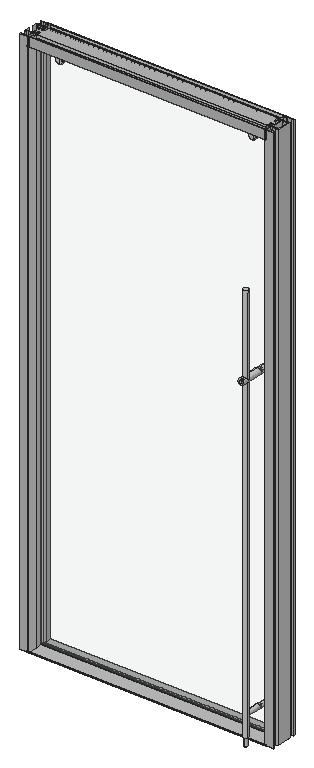
Revit family "Doors_Sliding_Avanti_Systems_Cloud-Eclipse-Sliding-Glass-Pocket-Doors_Solid-wall", category Doors, host Wall, Revit 2015
Parameters (values of type "Load Family Type Catalog")
  Youtube clip = ""
  Weight Net (Kg) = "0"
  Warranty = "1 year"  # constant formula
  Uniformat II Description = "Interior Doors"
  Uniformat II Code = "C1020"
  Uniclass 2015 Name = "Sliding door and partition sets"
  Uniclass 2015 Code = "Pr_30_59_24_80"
  Uniclass 2.0 Description = "Sliding Door And Partition Sets"
  Uniclass 2.0 Code = "PR-59-23-77"
  Uniclass 1.4 Description = "Doors"
  Uniclass 1.4 Code = "JL20"
  URL = "https://www.avantisystemsusa.com"
  UNSPSC Code = "30171501"
  Type = 2
  Thickness = if(Type = 1, 1/2", 3/8")  # 3/8"
  Technical description = "https://www.avantisystemsusa.com/wp-content/uploads/products/17-pocket-doors/POCKET-SLDING-GLASS-DOOR.pdf"
  Sound Rating = 0
  Region South America = "All"
  Region Oceania = "All"
  Region North America = "All"
  Region Middle East = "All"
  Region Europe = "All"
  Region Asia = "All"
  Region Antarctica = "All"
  Region Africa = "All"
  QR code = "http://bimobject.com/avantisystems/product/avanti-eclipse-pocket-door"
  Product url = "https://www.avantisystemsusa.com/glass-products/doors/sliding-doors/pocket-doors/"
  Product group = "Pocket Doors"
  Product family = "Sliding Doors"
  Product data url = "https://bimobject.com/avantisystems/product/avanti-eclipse-pocket-door"
  Product certification = ""
  Product SKU = "avanti-eclipse-pocket-door"
  Product Guid = "fa5a576a-2abc-4d75-8a27-b0dd0871f092"
  OmniClass Description = "Sliding All Glass Doors"
  OmniClass Code = "23-17 11 23 13"
  Nominal width = 0"
  Nominal height = 0"
  NBS Reference Description = "Sliding Door And Partition Sets"
  NBS Reference Code = "59-23-77"
  Model = "Eclipse™ Sliding Glass Pocket Doors"  # constant formula
  Material secondary = "Aluminium"
  Material main = "Glass"
  Masterformat 2014 Description = "Sliding Aluminum-Framed Glass Doors"
  Masterformat 2014 Code = "08 32 13"
  Manufacturer name = "Avanti Systems"
  Manufacturer country = ""
  Manufacturer = "Avanti Systems USA"  # constant formula
  Ladder Pull Height [instance] = 18"
  LEED compatibility = "YES"  # constant formula
  Installation instructions = ""
  IFC Classification = "Door"
  Hardware material [instance] = Stainless Steel - Avanti- Brushed Finish
  Handle type [instance] = Handle : 60" Ladder Pull
  Glass Width [instance] = 35.90164"
  Glass Material = Glass - Avanti - Laminated Glass
  Glass Marker = yes
  Glass Height [instance] = 80.57307"
  Function = Interior
  Frame Projection Ext. = 0.98425"
  Frame Projection Int. = 0.98425"
  Frame Width = 2.95276"
  Height = 82.67717"
  Wall Closure = By host
  Width = 38"
  Frame Parameter [instance] = Polyester powder - Avanti - White aluminium METALLIC - RAL9006
  Edition number = 1
  EAN code = ""
  Design country = "United States"
  Description = "The Pocket Sliding Glass Door slides smoothly into our Solare™ Double Glazed Partition System or a solid traditional wall offering a space saving, ultramodern interior entryway, pleasing to the eye."  # constant formula
  Date of publishing = ""
  Clear Anodic Finish = "AAMA 611, AA-M12c22A31, Class II, 0.01mm or thicker"  # constant formula
  COBIe Type Category = ""
  Brand url = "http://www.avantisystemsusa.com/"
  BIMobject main category code = "doors"
  BIMobject main category = "Doors"
  BIMobject category code = "doors-sliding"
  BIMobject category = "Sliding"
  Analytic Construction = "<None>"
  60” Locking Ladder Pull [instance] = yes
Reference planes (in)
  plane 1: y = 0
  plane 2 "Center (Left/Right)": x = 0
  plane 3 "Left": x = -19
  plane 4 "Right": x = 19
  plane 5 "Exterior": y = 2.9486
  plane 6 "Interior": y = -2.95691
  plane 7: x = 15.21289
  plane 8: x = 14.46289
  plane 9: x = -14.47244
  plane 10: y = 0.1875
  plane 11: y = -0.1875
  plane 12: z = 82.67717
  plane 13: z = 80.94807
  plane 14: z = 40.47403
  plane 15: z = 18
  plane 16: x = -57
Forms (in)
  Extrusion 1, solid, material "Glass - Avanti - Laminated Glass" <- "Glass Material"
    sketch origin (-3.35101, -0.89893, 0) x (1, 0, 0) y (0, 1, 0)
      loop
        line (-14.62786, 1.08643) -> (-14.62786, 0.71143) -> (21.27378, 0.71143) -> (21.27378, 1.08643) -> (-14.62786, 1.08643)
    from 0.375 to 80.94807
  Sweep 2, solid, material "Polyester powder - Avanti - White aluminium METALLIC - RAL9006" <- "Frame Parameter"
    path origin (-3.14114, -0.00831, 0) x (1, 0, 0) y (0, 0, 1)
      loop
        line (21.0639, 82.67717) -> (21.0639, 0)
    profile origin (17.92277, -0.00831, 41.33858) x (0, -1, 0) y (1, 0, 0)
      loop
        line (-0.96, -0.65725) -> (-0.3916, -0.65725) -> (-0.31686, -0.37561) -> (-0.47457, -0.33335) -> (-0.54529, -0.59725) -> (-0.78, -0.59725) -> (-0.78, 0) -> (0.78, 0) -> (0.78, -0.59725) -> (0.54261, -0.59725) -> (0.47138, -0.33141) -> (0.31303, -0.37384) -> (0.38896, -0.65725) -> (0.96, -0.65725) -> (2, -0.21489) -> (2, 1.08111) -> (1.85056, 1.08111) -> (1.77462, 0.7977) -> (1.94, 0.75339) -> (1.94, -0.00002) -> (0.98901, -0.00002) -> (0.98901, 0.75581) -> (1.14538, 0.7977) -> (1.06996, 1.07917) -> (-1.06996, 1.07917) -> (-1.14538, 0.7977) -> (-0.98901, 0.75581) -> (-0.98901, -0.00002) -> (-1.94, -0.00002) -> (-1.94, 0.75339) -> (-1.77462, 0.7977) -> (-1.85056, 1.08111) -> (-2, 1.08111) -> (-2, -0.21489) -> (-0.96, -0.65725)
      loop
        line (-0.91988, 0.05998) -> (0.91988, 0.05998) -> (0.91988, 1.01917) -> (-0.91988, 1.01917) -> (-0.91988, 0.05998)
      loop
        line (0.94777, -0.59725) -> (1.94, -0.17521) -> (1.94, -0.06002) -> (0.84, -0.06002) -> (0.84, -0.59725) -> (0.94777, -0.59725)
      loop
        line (-0.94777, -0.59725) -> (-0.84, -0.59725) -> (-0.84, -0.06002) -> (-1.94, -0.06002) -> (-1.94, -0.17521) -> (-0.94777, -0.59725)
  Sweep 3, solid, material "Polyester powder - Avanti - White aluminium METALLIC - RAL9006" <- "Frame Parameter"
    path origin (-3.35295, -0.00831, 0) x (1, 0, 0) y (0, 0, 1)
      loop
        line (-14.56602, 82.67717) -> (-14.56602, 0)
    profile origin (-17.91897, -0.00831, 41.33858) x (0, -1, 0) y (1, 0, 0)
      loop
        line (-1.85056, -1.08103) -> (-1.77462, -0.79762) -> (-1.94, -0.75331) -> (-1.94, 0.0001) -> (-0.98901, 0.0001) -> (-0.98901, -0.75573) -> (-1.14538, -0.79762) -> (-1.06996, -1.07909) -> (-0.34, -1.07909) -> (-0.34, -1.01909) -> (-0.91988, -1.01909) -> (-0.91988, -0.0599) -> (-0.34, -0.0599) -> (-0.34, 0) -> (-0.78, 0) -> (-0.78, 0.59733) -> (-0.54529, 0.59733) -> (-0.47457, 0.33343) -> (-0.31686, 0.37569) -> (-0.3916, 0.65732) -> (-0.96001, 0.65732) -> (-2, 0.21497) -> (-2, -1.08103) -> (-1.85056, -1.08103)
      loop
        line (-1.94, 0.0601) -> (-0.84, 0.0601) -> (-0.84, 0.59733) -> (-0.94777, 0.59733) -> (-1.94, 0.17529) -> (-1.94, 0.0601)
      loop
        line (1.85056, -1.08103) -> (2, -1.08103) -> (2, 0.21497) -> (0.96001, 0.65732) -> (0.3916, 0.65732) -> (0.31686, 0.37569) -> (0.47457, 0.33343) -> (0.54529, 0.59733) -> (0.78, 0.59733) -> (0.78, 0) -> (0.34, 0) -> (0.34, -0.0599) -> (0.91988, -0.0599) -> (0.91988, -1.01909) -> (0.34, -1.01909) -> (0.34, -1.07909) -> (1.06996, -1.07909) -> (1.14538, -0.79762) -> (0.98901, -0.75573) -> (0.98901, 0.0001) -> (1.94, 0.0001) -> (1.94, -0.75331) -> (1.77462, -0.79762) -> (1.85056, -1.08103)
      loop
        line (1.94, 0.0601) -> (1.94, 0.17529) -> (0.94777, 0.59733) -> (0.84, 0.59733) -> (0.84, 0.0601) -> (1.94, 0.0601)
  Sweep 4, solid, material "Polyester powder - Avanti - White aluminium METALLIC - RAL9006" <- "Frame Parameter"
    path origin (0.00194, 2.90369, 0.00189) x (1, 0, 0) y (0, 0, 1)
      loop
        line (17.92083, 82.67717) -> (-17.98081, 82.67717)
    profile origin (-0.02805, 2.90369, 82.67906) x (0, 0, -1) y (0, -1, 0)
      loop
        line (0.00189, 0.89328) -> (1.29789, 0.89328) -> (1.74025, 1.93328) -> (1.74025, 2.19328) -> (1.68025, 2.19328) -> (1.68025, 2.11328) -> (1.08274, 2.11328) -> (1.08274, 2.19328) -> (1.02271, 2.19328) -> (1.02271, 1.9734) -> (0.06383, 1.9734) -> (0.06383, 3.81315) -> (1.02302, 3.81315) -> (1.02302, 3.59328) -> (1.08299, 3.59328) -> (1.08299, 3.67328) -> (1.68025, 3.67328) -> (1.68025, 3.59328) -> (1.74025, 3.59328) -> (1.74025, 3.85328) -> (1.29789, 4.89328) -> (0.00189, 4.89328) -> (0.00189, 4.74384) -> (0.2853, 4.6679) -> (0.32961, 4.83328) -> (1.08302, 4.83328) -> (1.08302, 3.88229) -> (0.3272, 3.88229) -> (0.2853, 4.03865) -> (0.00383, 3.96323) -> (0.00383, 1.82332) -> (0.2853, 1.7479) -> (0.3272, 1.90426) -> (1.08302, 1.90426) -> (1.08302, 0.95328) -> (0.32961, 0.95328) -> (0.2853, 1.11865) -> (0.00189, 1.04271) -> (0.00189, 0.89328)
      loop
        line (1.14302, 0.95328) -> (1.25821, 0.95328) -> (1.68025, 1.94551) -> (1.68025, 2.05328) -> (1.14302, 2.05328) -> (1.14302, 0.95328)
      loop
        line (1.14302, 4.83328) -> (1.14302, 3.73328) -> (1.68025, 3.73328) -> (1.68025, 3.84105) -> (1.25821, 4.83328) -> (1.14302, 4.83328)
      loop
        line (1.73293, 2.21775) -> (1.73293, 2.59059) -> (1.59235, 2.59059) -> (1.51068, 2.33893) -> (0.47718, 2.33893) -> (0.39096, 2.61279) -> (0.28936, 2.61279) -> (0.28936, 3.18511) -> (0.39096, 3.18511) -> (0.47718, 3.45647) -> (1.51259, 3.45647) -> (1.59235, 3.17712) -> (1.73293, 3.17712) -> (1.73293, 3.57775) -> (0.15813, 3.57775) -> (0.15813, 2.21775) -> (1.73293, 2.21775)
  Sweep 5, solid, material "Polyester powder - Avanti - White aluminium METALLIC - RAL9006" <- "Frame Parameter"
    path origin (0.00194, 2.94445, 0) x (1, 0, 0) y (0, 0, 1)
      loop
        line (17.92083, 0) -> (-17.98081, 0)
    profile origin (-0.02805, 2.94445, 0) x (0, 0, -1) y (0, -1, 0)
      loop
        line (0, 0.95276) -> (0, 4.95276) -> (-0.06201, 4.95276) -> (-0.59613, 3.28682) -> (-0.14, 3.28682) -> (-0.14, 2.60208) -> (-0.59632, 2.60208) -> (-0.06205, 0.95276) -> (0, 0.95276)
      loop
        line (-0.06, 1.07624) -> (-0.06, 2.56208) -> (-0.54132, 2.56208) -> (-0.06, 1.07624)
      loop
        line (-0.5413, 3.32682) -> (-0.06, 3.32682) -> (-0.06, 4.828) -> (-0.5413, 3.32682)
Lines and regions (in)
  Opening 1
    outline origin (-120.07874, -2.95691, 0) x (1, 0, 0) y (0, 0, 1)
      loop
        line (101.07874, 0) -> (139.07874, 0) -> (139.07874, 82.67717) -> (101.07874, 82.67717) -> (101.07874, 0)
  symbolic lines, style "2d"
    curve 1: line (0, 0.1875, 80.37) -> (0, 0.1875, 80.94807)
    curve 2: line (0, 0.1875, 80.94807) -> (0, 0.07765, 80.94807)
    curve 3: line (0, -0.10545, 80.94807) -> (0, -0.1875, 80.94807)
    curve 4: line (0, -0.1875, 80.37) -> (0, -0.1875, 80.94807)
    curve 5: line (0, 0.1875, 79.61156) -> (0, 0.1875, 0.375)
    curve 6: line (0, -0.1875, 79.61156) -> (0, -0.1875, 0.375)
    curve 7: line (17.92277, 0.1875, 0) -> (-17.97887, 0.1875, 0)
    curve 8: line (-17.97887, -0.1875, 0) -> (17.92083, -0.1875, 0)
    curve 9: line (-17.97887, 0.1875, 0) -> (-17.97887, -0.1875, 0)
    curve 10: line (0, 0.1875, 0.375) -> (0, -0.1875, 0.375)
  symbolic lines, visible <- "Glass Marker"
    curve 11: line (-2.82843, -0.24998, 37.64561) -> (2.82843, -0.24998, 43.30246)
    curve 12: line (0, -0.24998, 38.62608) -> (1.84796, -0.24998, 40.47403)
    curve 13: line (-1.84796, -0.24998, 40.47403) -> (0, -0.24998, 42.32199)
  symbolic lines, not visible
    curve 14: line (-1.84796, 0.25002, 40.47403) -> (1.84796, 0.25002, 40.47403)
    curve 19: line (-1.84534, 0.25002, 22.66367) -> (1.85057, 0.25002, 22.66367)
  model lines, not visible
    curve 15: line (0, 0.25002, 38.62608) -> (0, 0.25002, 42.32199)
    curve 20: line (0.00262, 0.25002, 20.81572) -> (0.00262, 0.25002, 24.51163)
  symbolic lines, visible <- "Glass Marker", not visible
    curve 16: line (-2.82581, -0.24998, 19.83525) -> (2.83104, -0.24998, 25.4921)
    curve 17: line (0.00262, -0.24998, 20.81572) -> (1.85057, -0.24998, 22.66367)
    curve 18: line (-1.84534, -0.24998, 22.66367) -> (0.00262, -0.24998, 24.51163)
  symbolic lines
    curve 21: line (-19, 0.1875, 0) -> (-57, 0.1875, 0)
    curve 22: line (-19, -0.1875, 0) -> (-57, -0.1875, 0)
    curve 23: line (-57, -0.1875, 0) -> (-57, 0.1875, 0)
Text (in)
  text "Exterior" at (-90.35496, 43.28909, 0), in view "Ref. Level"
  text "Exterior" at (0, 63.59764, 145.59372), in view "Left"
  text "Exterior" at (0, 40.78868, 152.55637), in view "Right"
Dimensions and locks (in)
  equal spacing: plane 3 "Left", plane 2 "Center (Left/Right)", plane 4 "Right"
  "Width": plane 3 "Left" to plane 4 "Right"
  locked: plane 5 "Exterior" to host wall at 0
  locked: plane 6 "Interior" to host wall
  locked: plane 7 to plane 4 "Right" at 3.78711
  locked: plane 8 to plane 4 "Right" at 4.53711
  locked: plane 9 to plane 3 "Left" at 4.52756
  "Height": level to plane 12
  plane 12 to host wall = 74.80315"
  locked: plane 12 to plane 13 at 1.7291
  "Thickness": plane 11 to plane 10
  equal spacing: plane 11, plane 1, plane 10
  equal spacing: level, plane 14, plane 13
  "Glass Height": Extrusion 1 to plane 13
  "Glass Width": Extrusion 1 to Extrusion 1
  "Ladder Pull Height": level to plane 15
  locked: nested 7 to curve 7 at 3
  "Width": plane 16 to plane 3 "Left"
  locked: plane 14 to nested 8 at 7
  aligned and locked: plane 3 "Left" to Opening 1 sketch curve
  aligned and locked: Opening 1 sketch curve to plane 4 "Right"
  aligned and locked: Opening 1 sketch curve to level
  aligned and locked: Extrusion 1 to Sweep 2
  aligned and locked: Sweep 3 to Extrusion 1
  aligned and locked: Sweep 5 sketch curve to level
  aligned and locked: level to Sweep 3 sketch curve
  aligned and locked: plane 3 "Left" to Sweep 3
  aligned and locked: plane 8 to nested 1
  aligned and locked: plane 9 to nested 2
  aligned and locked: nested 2 to nested 3  (x2)
  aligned and locked: nested 1 to nested 3  (x2)
  aligned and locked: Extrusion 1 to plane 10
  aligned and locked: plane 11 to Extrusion 1  (x2)
  aligned and locked: plane 10 to curve 1
  aligned and locked: nested 3 to curve 1
  aligned and locked: curve 2 to Extrusion 1
  aligned and locked: plane 11 to curve 4
  aligned and locked: curve 4 to Extrusion 1
  aligned and locked: nested 3 to curve 5
  aligned and locked: plane 10 to Extrusion 1  (x2)
  aligned and locked: curve 5 to plane 10
  aligned and locked: curve 6 to plane 11
  aligned and locked: nested 3 to curve 6
  aligned and locked: Extrusion 1 to curve 6
  aligned and locked: nested 4 to plane 3 "Left"
  aligned and locked: nested 4 to Sweep 3
  aligned and locked: nested 5 to plane 4 "Right"
  aligned and locked: Sweep 2 to nested 5
  aligned and locked: plane 11 to curve 8
  aligned and locked: Sweep 3 to curve 9
  aligned and locked: Sweep 5 to curve 9
  aligned and locked: Sweep 2 to curve 7
  aligned and locked: nested 5 to curve 8
  aligned and locked: plane 12 to nested 3
  aligned and locked: plane 12 to Sweep 4
  aligned and locked: plane 13 to Extrusion 1
  aligned and locked: curve 3 to plane 13
  aligned and locked: nested 6 to level
  aligned and locked: nested 6 to plane 1
  aligned and locked: plane 12 to Opening 1 sketch curve
  aligned and locked: Extrusion 1 to plane 13  (x2)
  aligned and locked: nested 3 to curve 2
  aligned and locked: nested 3 to curve 3
  aligned and locked: plane 1 to nested 2
  aligned and locked: nested 1 to plane 1
  aligned and locked: plane 12 to Sweep 2 sketch curve
  aligned and locked: plane 12 to Sweep 3 sketch curve
  aligned and locked: plane 14 to curve 14
  aligned and locked: curve 15 to plane 2 "Center (Left/Right)"
  aligned and locked: plane 2 "Center (Left/Right)" to nested 7
  aligned and locked: curve 21 to plane 10  (x2)
  aligned and locked: curve 22 to plane 11
  aligned and locked: plane 3 "Left" to curve 21
  aligned and locked: plane 3 "Left" to curve 22
  aligned and locked: plane 16 to curve 21
  aligned and locked: plane 16 to curve 23
  aligned and locked: curve 23 to plane 11
  aligned and locked: nested 8 to plane 2 "Center (Left/Right)"
  aligned and locked: nested 9 to plane 7
  aligned and locked: level to nested 9
  aligned and locked: nested 9 to plane 10
Automatic sketch dimensions
  curve 4 to curve 1 = 0"
  plane 11 to Extrusion 1 sketch curve = 0"
  plane 10 to Extrusion 1 sketch curve = 0"
  Extrusion 1 sketch curve to plane 3 "Left" = 1.02113"
  plane 4 "Right" to Extrusion 1 sketch curve = 1.07723"
  Sweep 2 sketch curve to level = 0"
  plane 4 "Right" to Sweep 2 sketch curve = 1.07723"
  Sweep 2 sketch curve to profile plane = 0"
  Sweep 2 sketch curve to profile plane = 2"
  Sweep 2 sketch curve to Sweep 2 sketch curve = 0.06"  (x5)
  profile plane to Sweep 2 sketch curve = 0"  (x2)
  Sweep 2 sketch curve to Sweep 2 sketch curve = 0"  (x4)
  Sweep 2 sketch curve to Sweep 2 sketch curve = 0.14944"  (x2)
  Sweep 2 sketch curve to profile plane = 0.7977"  (x2)
  Sweep 2 sketch curve to Sweep 2 sketch curve = 0.16538"  (x2)
  Sweep 2 sketch curve to Sweep 2 sketch curve = 0.62925"  (x2)
  Sweep 2 sketch curve to Sweep 2 sketch curve = 0.07542"
  Sweep 2 sketch curve to Sweep 2 sketch curve = 0.15636"  (x2)
  Sweep 2 sketch curve to Sweep 2 sketch curve = 0.02901"
  Sweep 2 sketch curve to Sweep 2 sketch curve = 0.01223"  (x2)
  Sweep 2 sketch curve to Sweep 2 sketch curve = 0.15008"  (x2)
  profile plane to Sweep 2 sketch curve = 0.06002"  (x2)
  Sweep 2 sketch curve to Sweep 2 sketch curve = 0.07988"
  Sweep 2 sketch curve to Sweep 2 sketch curve = 0.23471"
  Sweep 2 sketch curve to Sweep 2 sketch curve = 0.07071"
  Sweep 2 sketch curve to Sweep 2 sketch curve = 0.15368"
  Sweep 2 sketch curve to Sweep 2 sketch curve = 0.15772"
  profile plane to Sweep 2 sketch curve = 0.31303"
  Sweep 2 sketch curve to Sweep 2 sketch curve = 0.07594"  (x2)
  Sweep 2 sketch curve to Sweep 2 sketch curve = 0.15835"
  Sweep 2 sketch curve to Sweep 2 sketch curve = 0.15364"
  Sweep 2 sketch curve to Sweep 2 sketch curve = 0.23739"
  profile plane to Sweep 2 sketch curve = 0.91988"
  Sweep 2 sketch curve to Sweep 2 sketch curve = 0.10777"
  Sweep 2 sketch curve to Sweep 2 sketch curve = 0.06914"
  Sweep 2 sketch curve to Sweep 2 sketch curve = 0.11519"  (x2)
  Sweep 2 sketch curve to Sweep 2 sketch curve = 0.03968"  (x2)
  profile plane to Sweep 2 sketch curve = 0.33141"
  profile plane to Sweep 2 sketch curve = 0.33335"
  Sweep 2 sketch curve to Sweep 2 sketch curve = 0.04243"
  Sweep 2 sketch curve to Sweep 2 sketch curve = 0.04226"
  Sweep 2 sketch curve to profile plane = 0.05998"
  Sweep 2 sketch curve to Sweep 2 sketch curve = 0.04431"  (x2)
  Sweep 2 sketch curve to Sweep 2 sketch curve = 0.69582"  (x2)
  Sweep 2 sketch curve to Sweep 2 sketch curve = 0.0419"
  Sweep 3 sketch curve to plane 3 "Left" = 1.08103"
  Sweep 3 sketch curve to profile plane = 0"  (x2)
  Sweep 3 sketch curve to profile plane = 2"
  Sweep 3 sketch curve to profile plane = 0.0601"
  Sweep 3 sketch curve to Sweep 3 sketch curve = 0.06"  (x9)
  profile plane to Sweep 3 sketch curve = 0.75331"
  Sweep 3 sketch curve to Sweep 3 sketch curve = 0.14944"  (x2)
  profile plane to Sweep 3 sketch curve = 0.79762"  (x2)
  Sweep 3 sketch curve to Sweep 3 sketch curve = 0.16538"  (x2)
  Sweep 3 sketch curve to Sweep 3 sketch curve = 0.62925"  (x2)
  Sweep 3 sketch curve to Sweep 3 sketch curve = 0.07542"
  Sweep 3 sketch curve to Sweep 3 sketch curve = 0.15636"  (x2)
  Sweep 3 sketch curve to Sweep 3 sketch curve = 0.02901"
  Sweep 3 sketch curve to Sweep 3 sketch curve = 0.01224"  (x2)
  Sweep 3 sketch curve to Sweep 3 sketch curve = 0.15008"  (x2)
  Sweep 3 sketch curve to Sweep 3 sketch curve = 0.07988"  (x2)
  Sweep 3 sketch curve to Sweep 3 sketch curve = 0.23471"
  Sweep 3 sketch curve to Sweep 3 sketch curve = 0.07071"
  Sweep 3 sketch curve to Sweep 3 sketch curve = 0.15368"  (x2)
  profile plane to Sweep 3 sketch curve = 0.0599"  (x2)
  Sweep 3 sketch curve to profile plane = 0.34"  (x2)
  Sweep 3 sketch curve to Sweep 3 sketch curve = 0.15772"  (x2)
  profile plane to Sweep 3 sketch curve = 0.31686"
  profile plane to Sweep 3 sketch curve = 0.34"  (x2)
  Sweep 3 sketch curve to Sweep 3 sketch curve = 0.07475"
  Sweep 3 sketch curve to Sweep 3 sketch curve = 0.44"
  Sweep 3 sketch curve to Sweep 3 sketch curve = 0.10777"
  Sweep 3 sketch curve to profile plane = 0.0001"  (x2)
  Sweep 3 sketch curve to Sweep 3 sketch curve = 0.06914"
  Sweep 3 sketch curve to Sweep 3 sketch curve = 0.07594"
  Sweep 3 sketch curve to profile plane = 0.17529"
  Sweep 3 sketch curve to Sweep 3 sketch curve = 0"  (x4)
  Sweep 3 sketch curve to Sweep 3 sketch curve = 0.2834"
  Sweep 3 sketch curve to Sweep 3 sketch curve = 1.01919"
  Sweep 3 sketch curve to Sweep 3 sketch curve = 0.28147"  (x2)
  Sweep 3 sketch curve to Sweep 3 sketch curve = 0.11519"
  Sweep 3 sketch curve to Sweep 3 sketch curve = 0.03968"  (x2)
  Sweep 3 sketch curve to profile plane = 0.33343"  (x2)
  Sweep 3 sketch curve to Sweep 3 sketch curve = 0.04226"  (x2)
  plane 12 to Sweep 4 sketch curve = 0.00189"
  Sweep 4 sketch curve to plane 3 "Left" = 1.02113"
  plane 4 "Right" to Sweep 4 sketch curve = 1.07723"
  Sweep 4 sketch curve to profile plane = 0.00189"  (x2)
  Sweep 4 sketch curve to profile plane = 0.00383"
  Sweep 4 sketch curve to profile plane = 0.06383"
  Sweep 4 sketch curve to profile plane = 0.15813"
  Sweep 4 sketch curve to profile plane = 0.2853"  (x4)
  Sweep 4 sketch curve to profile plane = 0.28936"
  Sweep 4 sketch curve to Sweep 4 sketch curve = 0.0419"  (x2)
  Sweep 4 sketch curve to Sweep 4 sketch curve = 0.04431"  (x2)
  Sweep 4 sketch curve to Sweep 4 sketch curve = 0.1016"  (x2)
  Sweep 4 sketch curve to Sweep 4 sketch curve = 0.08622"  (x2)
  Sweep 4 sketch curve to Sweep 4 sketch curve = 0.54553"
  Sweep 4 sketch curve to Sweep 4 sketch curve = 0.54584"
  Sweep 4 sketch curve to Sweep 4 sketch curve = 0.06003"
  Sweep 4 sketch curve to Sweep 4 sketch curve = 0.05997"
  Sweep 4 sketch curve to Sweep 4 sketch curve = 0.06031"
  Sweep 4 sketch curve to Sweep 4 sketch curve = 0.75341"
  Sweep 4 sketch curve to Sweep 4 sketch curve = 0.06"  (x7)
  Sweep 4 sketch curve to Sweep 4 sketch curve = 0.06028"
  Sweep 4 sketch curve to Sweep 4 sketch curve = 0.11519"  (x2)
  Sweep 4 sketch curve to Sweep 4 sketch curve = 0.03968"  (x2)
  Sweep 4 sketch curve to Sweep 4 sketch curve = 0.42793"
  Sweep 4 sketch curve to Sweep 4 sketch curve = 0.42961"
  Sweep 4 sketch curve to Sweep 4 sketch curve = 0.08168"
  Sweep 4 sketch curve to Sweep 4 sketch curve = 0.07976"
  Sweep 4 sketch curve to Sweep 4 sketch curve = 0.16957"
  Sweep 4 sketch curve to Sweep 4 sketch curve = 0.16766"
  Sweep 4 sketch curve to Sweep 4 sketch curve = 0"  (x3)
  Sweep 4 sketch curve to Sweep 4 sketch curve = 0.05268"
  Sweep 4 sketch curve to Sweep 4 sketch curve = 0.14058"
  Sweep 4 sketch curve to Sweep 4 sketch curve = 0.00732"
  profile plane to Sweep 4 sketch curve = 0.89328"
  Sweep 4 sketch curve to Sweep 4 sketch curve = 0.14944"
  Sweep 4 sketch curve to Sweep 4 sketch curve = 0.62925"  (x2)
  Sweep 4 sketch curve to Sweep 4 sketch curve = 0.07542"
  Sweep 4 sketch curve to Sweep 4 sketch curve = 0.02901"
  Sweep 4 sketch curve to Sweep 4 sketch curve = 0.01223"  (x2)
  Sweep 4 sketch curve to Sweep 4 sketch curve = 0.15008"  (x2)
  Sweep 4 sketch curve to Sweep 4 sketch curve = 0.07988"
  Sweep 4 sketch curve to Sweep 4 sketch curve = 0.08"  (x3)
  Sweep 4 sketch curve to Sweep 4 sketch curve = 0.24435"
  Sweep 4 sketch curve to Sweep 4 sketch curve = 0.14565"
  Sweep 4 sketch curve to Sweep 4 sketch curve = 0.25166"
  Sweep 4 sketch curve to Sweep 4 sketch curve = 0.27386"
  Sweep 4 sketch curve to Sweep 4 sketch curve = 0.58653"
  Sweep 4 sketch curve to Sweep 4 sketch curve = 0.57232"
  Sweep 4 sketch curve to Sweep 4 sketch curve = 0.27136"
  Sweep 4 sketch curve to Sweep 4 sketch curve = 0.12128"
  Sweep 4 sketch curve to Sweep 4 sketch curve = 0.13681"
  Sweep 4 sketch curve to Sweep 4 sketch curve = 0.01552"
  Sweep 4 sketch curve to Sweep 4 sketch curve = 0.2354"
  Sweep 4 sketch curve to Sweep 4 sketch curve = 0.10777"
  Sweep 4 sketch curve to Sweep 4 sketch curve = 0.06914"
  Sweep 4 sketch curve to Sweep 4 sketch curve = 0.07594"
  Sweep 5 sketch curve to plane 3 "Left" = 1.02113"
  plane 4 "Right" to Sweep 5 sketch curve = 1.07723"
  Sweep 5 sketch curve to profile plane = 0"
  profile plane to Sweep 5 sketch curve = 0.06"  (x2)
  profile plane to Sweep 5 sketch curve = 0.06201"
  profile plane to Sweep 5 sketch curve = 0.06205"
  Sweep 5 sketch curve to Sweep 5 sketch curve = 0.08"
  Sweep 5 sketch curve to Sweep 5 sketch curve = 0.4013"
  Sweep 5 sketch curve to Sweep 5 sketch curve = 0.40132"
  Sweep 5 sketch curve to Sweep 5 sketch curve = 0.05483"
  Sweep 5 sketch curve to Sweep 5 sketch curve = 0.055"
  profile plane to Sweep 5 sketch curve = 0.95276"
  Sweep 5 sketch curve to Sweep 5 sketch curve = 0.12348"
  Sweep 5 sketch curve to Sweep 5 sketch curve = 1.48585"
  Sweep 5 sketch curve to Sweep 5 sketch curve = 0.04"  (x2)
  Sweep 5 sketch curve to Sweep 5 sketch curve = 0.68473"
  Sweep 5 sketch curve to Sweep 5 sketch curve = 1.50118"
  Sweep 5 sketch curve to Sweep 5 sketch curve = 0.12476"
Nested families (in)
  nested 1: "Glass to Bar Connector" at (14.46289, 0, 82.15909) x (0, 1, 0) z (0, 0, 1), type "Glass to Bar Connector"
  nested 2: "Glass to Bar Connector" at (-14.47244, 0, 82.15909) x (0, 1, 0) z (0, 0, 1), type "Glass to Bar Connector"
  nested 3: "Door Frame Top" at (0, -0.01697, 82.67717) x (0, 1, 0) z (1, 0, 0), type "Door Frame Top"
  nested 4: "Door Frame Left" at (-17.26358, -0.00831, 0) x (-1, 0, 0) z (0, 0, 1), type "Door Frame Left"
  nested 5: "Door Frame Right" at (17.26358, -0.00831, 0) x (-1, 0, 0) z (0, 0, 1), type "Door Frame Right"
  nested 6: "Drop Down Bottom Door Seal" at (0, 0, 0) x (0, 1, 0) z (1, 0, 0), type "Drop Down Bottom Door Seal"
  nested 7: "Arrow" at (0, 3.1875, 0), type "arrow"
  nested 8: "Arrow" at (0, 2.9486, 47.47403) x (1, 0, 0) z (0, -1, 0), type "arrow"
  nested 9: "Handle" at (16.83789, 1.5625, 38) x (-1, 0, 0) z (0, 1, 0), type <- "Handle type", type "60" Ladder Pull", detail levels medium+fine
    with Locker yes, Thickness 3/8"
Definition of nested family "Glass to Bar Connector"
  Parameters (values of type "Glass to Bar Connector")
    Thickness = 3/8"
    Material = none
  Reference planes (in)
    plane 1 "Center (Front/Back)": y = 0
    plane 2: z = 0
    plane 3 "Center (Left/Right)": x = 0
    plane 4: x = -0.1875
    plane 5: x = 0.1875
    plane 6: x = -0.26859
    plane 7: x = 0.26859
  Forms (in)
    Revolve 1, solid, material <- "Material"
      sketch origin (0, 0, -13.82453) x (1, 0, 0) y (0, 0, 1)
        loop
          line (-0.50751, 13.31951) -> (0.52055, 13.31951) -> (0.52055, 13.81188) -> (0.28803, 13.85847) -> (0.28803, 13.52986) -> (0.22937, 13.52986) -> (0.22937, 13.82453) -> (-0.21265, 13.82453) -> (-0.21265, 13.52986) -> (-0.25587, 13.52986) -> (-0.25587, 13.86153) -> (-0.50751, 13.79365) -> (-0.50751, 13.31951)
        axis (-0.50751, 13.31951) -> (0.52055, 13.31951)
      angle from 0 to 360
    Revolve 2, solid, material <- "Material"
      sketch origin (0, 0, -13.82453) x (1, 0, 0) y (0, 0, 1)
        loop
          line (-0.26859, 11.67377) -> (0.26859, 11.67377) -> (0.26859, 12.26658) -> (0.1875, 12.26658) -> (0.1875, 12.02825) -> (-0.1875, 12.02825) -> (-0.1875, 12.26658) -> (-0.26859, 12.26658) -> (-0.26859, 11.67377)
        axis (-0.26859, 11.67377) -> (0.26859, 11.67377)
      angle from 0 to 360
    Sweep 3, solid, material <- "Material"
      path origin (0, 0, -13.82453) x (1, 0, 0) y (0, 0, 1)
        loop
          line (0, 11.93165) -> (0, 12.95558)
      profile origin (0, 0, -1.38091) x (-1, 0, 0) y (0, -1, 0)
        loop
          circle (0, 0) r 0.08767
  Lines and regions (in)
    reference lines
      curve 1: line (-0.21265, 0, 0) -> (0.22937, 0, 0)
  Dimensions and locks (in)
    equal spacing: plane 5, plane 3 "Center (Left/Right)", plane 4
    "Thickness": plane 5 to plane 4
    locked: plane 4 to plane 6 at 0.08109
    locked: plane 7 to plane 5 at 0.08109
    equal spacing: plane 7, plane 3 "Center (Left/Right)", plane 6
    aligned and locked: level to plane 2
    aligned and locked: plane 6 to Revolve 2 sketch curve
    aligned and locked: Revolve 2 sketch curve to plane 4
    aligned and locked: plane 5 to Revolve 2 sketch curve
    aligned and locked: Revolve 2 sketch curve to plane 7
  Automatic sketch dimensions
    Revolve 1 sketch curve to plane 6 = 0.23892"
    plane 6 to Revolve 1 sketch curve = 0.01273"
    Revolve 1 sketch curve to plane 4 = 0.02515"
    Revolve 1 sketch curve to plane 7 = 0.03923"
    plane 7 to Revolve 1 sketch curve = 0.01944"
    plane 7 to Revolve 1 sketch curve = 0.25196"
    Revolve 1 sketch curve to level = 0.50502"
    Revolve 1 sketch curve to Revolve 1 sketch curve = 0.21035"  (x2)
    Revolve 1 sketch curve to Revolve 1 sketch curve = 0.26379"
    Revolve 1 sketch curve to Revolve 1 sketch curve = 0.28202"
    Revolve 1 sketch curve to Revolve 1 sketch curve = 0.01265"
    Revolve 1 sketch curve to Revolve 1 sketch curve = 0.03394"
    Revolve 1 sketch curve to Revolve 1 sketch curve = 0.037"
    Revolve 1 sketch curve to Revolve 1 sketch curve = 0"  (x3)
    Revolve 2 sketch curve to plane 6 = 0"
    Revolve 2 sketch curve to plane 7 = 0"
    Revolve 2 sketch curve to level = 2.15075"
    Revolve 2 sketch curve to Revolve 2 sketch curve = 0.35447"
    Revolve 2 sketch curve to level = 1.55794"  (x2)
    Revolve 2 sketch curve to Revolve 2 sketch curve = 0"
    Sweep 3 sketch curve to plane 3 "Center (Left/Right)" = 0"
    Sweep 3 sketch curve to level = 1.89287"
    Sweep 3 sketch curve to level = 0.86894"
    Sweep 3 sketch curve to profile plane = 0"
    profile plane to Sweep 3 sketch curve = 0"
    curve 1 to level = 0"
    curve 1 to plane 4 = 0.02515"
    curve 1 to plane 7 = 0.03923"
    radius of Sweep 3 sketch curve = 0.08767"
Definition of nested family "Handle"
  Parameters (values of type "48" Ladder Pull")
    Width = 54.28299"
    Type = 3
    Ladder Pool Height = 18"
    Ladder 60" = if(Type = 5, 1 = 1, 1 = 0)  # no
    Ladder = if(Type = 3, 1 = 1, 1 = 0)  # yes
    Thickness = 1/2"
    Panic hardware = if(Type = 4, 1 = 1, 1 = 0)  # no
    Material = none
    Locker [instance] = yes
    Height = 90 9/16"
    Glass door = if(Type = 2, 1 = 1, 1 = 0)  # no
    Framed door = if(Type = 1, 1 = 1, 1 = 0)  # no
    Default Elevation = 48"
  Types (2): name | Type | Ladder 60" | Ladder
    60" Ladder Pull | 5 | yes | no
    48" Ladder Pull | 3 | no | yes
  Reference planes (in)
    plane 1 "Center (Front/Back)": y = 0
    plane 2: z = 0
    plane 3 "Center (Left/Right)": x = 0
    plane 4 "door_up": z = -1.375
    plane 5 "door_down": z = -1.875
    plane 6: z = -3.25
    plane 7: x = -1.25
    plane 8: x = -43.31449
    plane 9: x = -46.03299
    plane 10: x = -43.31449
    plane 11: y = 51.9375
    plane 12: y = 0.625
    plane 13: y = 11.125
    plane 14: y = 52.5625
    plane 15: y = -38
    plane 16: x = -50.15799
    plane 17 "door": x = 4.125
    plane 18: x = 1.625
    plane 19: y = -20
  Forms (in)
    Sweep 1, solid, material <- "Material", visible <- "Panic hardware"
      path origin (0, 0, 0) x (1, 0, 0) y (0, 1, 0)
        loop
          line (-1.25, 51.9375) -> (-1.25, 4.25)
          arc (-1.25, 4.25) -> (-2.12868, 2.12868) -> (-4.25, 1.25) r 3
          line (-4.25, 1.25) -> (-43.31449, 1.25)
      profile origin (-1.25, 28.09375, 0) x (1, 0, 0) y (0, 0, 1)
        loop
          circle (0.625, 0.625) r 0.625
    Sweep 2, solid, material <- "Material", visible <- "Panic hardware"
      path origin (0, 0, 0) x (1, 0, 0) y (0, 0, 1)
        loop
          line (-43.31449, 0) -> (-44.06449, 0)
          arc (-44.06449, 0) -> (-44.57255, -0.21044) -> (-44.78299, -0.7185) r 0.7185
          line (-44.78299, -0.7185) -> (-44.78299, -1.375)
      profile origin (-43.68949, 0, 0) x (0, 0, -1) y (0, -1, 0)
        loop
          circle (-0.625, -0.625) r 0.625
    Sweep 3, solid, material <- "Material", visible <- "Panic hardware"
      path origin (0, 0, -6.75) x (1, 0, 0) y (0, 0, -1)
        loop
          line (-43.31449, -3.5) -> (-44.06449, -3.5)
          arc (-44.06449, -3.5) -> (-44.57255, -3.71044) -> (-44.78299, -4.2185) r 0.7185
          line (-44.78299, -4.2185) -> (-44.78299, -4.875)
      profile origin (-43.68949, 0, -3.25) x (0, 0, -1) y (0, -1, 0)
        loop
          circle (0.625, -0.625) r 0.625
    Sweep 4, solid, material <- "Material", visible <- "Panic hardware"
      path origin (-30, 0, -6.75) x (-1, 0, 0) y (0, 0, -1)
        loop
          line (13.31449, -3.5) -> (-28.0315, -3.5)
          arc (-28.0315, -3.5) -> (-28.53956, -3.71044) -> (-28.75, -4.2185) r 0.7185
          line (-28.75, -4.2185) -> (-28.75, -4.875)
      profile origin (-22.6415, 0, -3.25) x (0, 0, 1) y (0, -1, 0)
        loop
          circle (-0.625, -0.625) r 0.625
  Cuts and joins
    joined: Sweep 1, Sweep 2
    joined: Sweep 3, Sweep 4
  Dimensions and locks (in)
    "Thickness": plane 5 "door_down" to plane 4 "door_up"
    locked: plane 3 "Center (Left/Right)" to plane 7 at 1.25
    locked: plane 9 to plane 8 at 2.7185
    locked: plane 9 to Sweep 3 sketch curve at 1.25
    locked: Sweep 2 sketch curve to plane 9 at 1.25
    locked: plane 10 to plane 9 at 2.7185
    locked: Sweep 1 sketch curve to plane 1 "Center (Front/Back)" at 1.25
    locked: plane 3 "Center (Left/Right)" to nested 1 at 0.125
    locked: plane 4 "door_up" to plane 2 at 1.375
    locked: plane 6 to plane 5 "door_down" at 1.375
    locked: plane 12 to plane 1 "Center (Front/Back)" at 0.625
    locked: plane 13 to plane 12 at 10.5
    locked: plane 14 to plane 11 at 0.625
    "Height": plane 14 to plane 15
    locked: plane 1 "Center (Front/Back)" to plane 15 at 38
    locked: plane 3 "Center (Left/Right)" to plane 17 "door" at 4.125
    "Width": plane 16 to plane 17 "door"
    locked: plane 16 to plane 10 at 6.8435
    locked: plane 18 to plane 17 "door" at 2.5
    "Ladder Pool Height": plane 19 to plane 15
    aligned and locked: level to plane 2
    aligned and locked: plane 4 "door_up" to cut or joined group of Sweep 1, Sweep 2
    aligned and locked: Sweep 2 sketch curve to plane 4 "door_up"
    aligned and locked: Sweep 3 sketch curve to plane 5 "door_down"
    aligned and locked: plane 6 to Sweep 3 sketch curve
    aligned and locked: plane 7 to Sweep 4 sketch curve
    aligned and locked: Sweep 4 sketch curve to plane 6
    aligned and locked: plane 8 to Sweep 4 sketch curve
    aligned and locked: plane 8 to Sweep 3 sketch curve
    aligned and locked: plane 10 to Sweep 2 sketch curve
    aligned and locked: plane 10 to Sweep 1 sketch curve
    aligned and locked: plane 11 to Sweep 1 sketch curve
    aligned and locked: plane 5 "door_down" to Sweep 4 sketch curve
    aligned and locked: nested 1 to plane 4 "door_up"
    aligned and locked: plane 13 to nested 1
    aligned and locked: nested 2 to plane 4 "door_up"
    aligned and locked: plane 3 "Center (Left/Right)" to nested 2
    aligned and locked: nested 2 to plane 11
    aligned and locked: nested 2 to plane 14
    aligned and locked: plane 18 to nested 3
    aligned and locked: plane 1 "Center (Front/Back)" to nested 3
    aligned and locked: nested 4 to plane 18
    aligned and locked: nested 4 to plane 1 "Center (Front/Back)"
    aligned and locked: nested 5 to plane 4 "door_up"
    aligned and locked: nested 5 to plane 17 "door"
    aligned and locked: nested 5 to plane 1 "Center (Front/Back)"
    aligned and locked: nested 6 to plane 4 "door_up"
    aligned and locked: plane 5 "door_down" to nested 7
    aligned and locked: nested 7 to plane 19
    aligned and locked: plane 19 to nested 6
    aligned and locked: nested 6 to plane 18
    aligned and locked: nested 7 to plane 18
    aligned and locked: plane 4 "door_up" to nested 8
    aligned and locked: plane 15 to nested 8
    aligned and locked: plane 5 "door_down" to nested 9
    aligned and locked: nested 9 to plane 15
    aligned and locked: plane 18 to nested 8
    aligned and locked: plane 18 to nested 9
  Nested families (in)
    nested 1: "Family2" at (-1.125, 11.125, 0.22234), visible <- "Panic hardware", type "Family2"
      with Lock yes
    nested 2: "Family3" at (-0.26102, 51.9375, -1.63602), visible <- "Panic hardware", type "Family3"
      with Thickness 1/2"
    nested 3: "Handle Timber" at (1.625, 0, -1.875), Locker <- "Locker", visible <- "Framed door", type "Handle Timber"
      with Locker yes
    nested 4: "Handle Timber" at (1.625, 0, -1.375) x (1, 0, 0) z (0, 0, -1), Locker <- "Locker", visible <- "Framed door", type "Handle Timber"
      with Locker yes
    nested 5: "Hinged Framed Swing locker" at (3.22214, -1.5625, -5.625), Handle and assembly material <- "Material", visible <- "Glass door", type "Hinged Framed Swing locker"
      with Handle and assembly material none
    nested 6: "Handle_For-Glass_Rounded_600mm" at (1.625, 13.36577, -1.375) x (-1, 0, 0) z (0, 0, -1), Handle Material <- "Material", visible <- "Ladder", type "Handle_For-Glass_Rounded_600mm"
      with Handle Material none, Handle Height 48"
    nested 7: "Handle_For-Glass_Rounded_600mm" at (1.625, -5.36577, -1.875) x (-1, 0, 0) z (0, 0, 1), Handle Material <- "Material", visible <- "Ladder", type "Handle_For-Glass_Rounded_600mm"
      with Handle Material none, Handle Height 48"
    nested 8: "Handle_For-Glass_Rounded_60in" at (1.625, 2.47039, -1.375), visible <- "Ladder 60"", Handle Material <- "Material", type "60""
      with No locker yes, Locker no, Handle Material none, Handle Height 60"
    nested 9: "Handle_For-Glass_Rounded_60in2" at (1.625, 2.47039, -1.875), visible <- "Ladder 60"", Handle Material <- "Material", type "60""
      with No locker no, Locker yes, Handle Material none, Handle Height 60"
  Definition of nested family "Family2"
    Parameters (values of type "Family2")
      Thickness = 1/2"
      Material = none
      Lock = no
    Reference planes (in)
      plane 1 "Center (Front/Back)": y = 0
      plane 2: z = 0
      plane 3 "Center (Left/Right)": x = 0
      plane 4: z = -2.09734
      plane 5: z = -1.59734
    Forms (in)
      Extrusion 1, solid, material <- "Material"
        sketch origin (0, 0, 0) x (0, 1, 0) y (0, 0, 1)
          loop
            line (5.04078, -0.345) -> (5.04078, 0) -> (-2.39922, 0) -> (-2.39922, -0.345) -> (5.04078, -0.345)
        from 0 to 1
      Extrusion 2, solid, material <- "Material"
        sketch origin (0, 0, 0) x (0, 1, 0) y (0, 0, 1)
          loop
            line (-0.3074, -0.345) -> (-1.4374, -0.345) -> (-1.4374, -1.31734) -> (-0.3074, -1.31734) -> (-0.3074, -0.345)
        from 0.32565 to 0.66353
      Extrusion 3, solid, material <- "Material"
        sketch origin (0, 0, 0) x (0, 1, 0) y (0, 0, 1)
          loop
            line (-1.4374, -1.31734) -> (-1.4374, -1.59734) -> (1.43807, -1.59734) -> (1.43807, -1.31734) -> (-1.4374, -1.31734)
          loop
            line (1.45803, -2.09734) -> (-1.41697, -2.09734) -> (-1.41697, -3.82961)
            arc (-1.41697, -3.82961) -> (-1.36191, -3.96254) -> (-1.22897, -4.01761) r 0.188
            line (-1.22897, -4.01761) -> (1.27003, -4.01761)
            arc (1.27003, -4.01761) -> (1.40297, -3.96254) -> (1.45803, -3.82961) r 0.188
            line (1.45803, -3.82961) -> (1.45803, -2.09734)
        from 0 to 1
      Extrusion 4, solid, material <- "Material"
        sketch origin (0, 0, 0) x (0, 1, 0) y (0, 0, 1)
          loop
            arc (-3.2641, -0.65221) -> (-3.242, -0.64306) -> (-3.23285, -0.62096) r 0.03125
            line (-3.23285, -0.62096) -> (-3.23285, 0) -> (-3.4516, 0) -> (-3.4516, -0.62096)
            arc (-3.4516, -0.62096) -> (-3.44244, -0.64306) -> (-3.42035, -0.65221) r 0.03125
            line (-3.42035, -0.65221) -> (-3.2641, -0.65221)
        from 0.32565 to 0.66353
      Extrusion 5, solid, material <- "Material", visible <- "Lock"
        sketch origin (1, 0, 0) x (0, 1, 0) y (0, 0, 1)
          loop
            circle (0.20853, -3.12734) r 0.58
          loop
            circle (0.20853, -3.12734) r 0.5625
          loop
            circle (-0.07272, -3.12734) r 0.22671
        from 0 to 0.25
      Extrusion 6, solid, material <- "Material", visible <- "Lock"
        sketch origin (1, 0, 0) x (0, 1, 0) y (0, 0, 1)
          loop
            circle (0.20853, -3.12734) r 0.5625
        from 0 to 0.20472
      Extrusion 7, solid, material <- "Material", visible <- "Lock", not visible
        sketch origin (1, 0, 0) x (0, 1, 0) y (0, 0, 1)
          loop
            circle (0.20853, -3.12734) r 0.58
          loop
            circle (0.20853, -3.12734) r 0.5625
          loop
            circle (-0.07272, -3.12734) r 0.22671
        from 0 to 0.25
      Extrusion 8, solid, material <- "Material", visible <- "Lock", not visible
        sketch origin (1, 0, 0) x (0, 1, 0) y (0, 0, 1)
          loop
            circle (0.20853, -3.12734) r 0.5625
        from 0 to 0.20472
    Lines and regions (in)
      model lines, not visible
        curve 1: line (0, -0.35397, -3.12734) -> (0, 0.39603, -3.12734)
        curve 2: line (0, -0.35397, -3.12734) -> (0, 0.39603, -3.12734)
    Dimensions and locks (in)
      "Thickness": plane 4 to plane 5
      locked: plane 5 to plane 2 at 1.59734
      aligned and locked: level to plane 2
      aligned and locked: plane 5 to Extrusion 3 sketch curve
      aligned and locked: Extrusion 3 sketch curve to Extrusion 2
      aligned and locked: Extrusion 3 sketch curve to plane 4
  Definition of nested family "Family3"
    Parameters (values of type "Family3")
      Thickness = 0.50125"
      Material = none
    Reference planes (in)
      plane 1 "Center (Front/Back)": y = 0
      plane 2: z = 0
      plane 3 "Center (Left/Right)": x = 0
      plane 4: z = 0.26102
      plane 5: z = -0.24023
    Forms (in)
      Extrusion 1, solid, material <- "Material"
        sketch origin (-0.98898, 0.625, 0.26102) x (0, 0, -1) y (0, 1, 0)
          loop
            line (-0.28125, 0.125) -> (-0.28125, -2.375) -> (0, -2.375) -> (0, 0) -> (0.50125, 0) -> (0.50125, -2.37518) -> (0.78125, -2.37518) -> (0.78125, 0.125) -> (-0.28125, 0.125)
        from 0 to 1.25
      Revolve 2, solid, material <- "Material"
        sketch origin (-0.36398, 0.615, 0.26102) x (0, 0, -1) y (0, 1, 0)
          loop
            line (-0.28125, -0.615) -> (-1.5092, -0.615) -> (-1.5092, -0.995) -> (-0.28125, -0.995) -> (-0.28125, -0.615)
          axis (-1.5092, -0.995) -> (-0.28125, -0.995)
        angle from 0 to 360
    Dimensions and locks (in)
      "Thickness": plane 4 to plane 5
      locked: Extrusion 1 to plane 4 at 0.28125
      locked: plane 5 to Extrusion 1 at 0.28
      aligned and locked: level to plane 2
      aligned and locked: Extrusion 1 to plane 4
      aligned and locked: plane 5 to Extrusion 1
  Definition of nested family "Handle Timber"
    Parameters (values of type "Handle Timber")
      Locker [instance] = yes
      Handle material = none
      Default Elevation = 48"
    Reference planes (in)
      plane 1 "Center (Front/Back)": y = 0
      plane 2: z = 0
      plane 3 "Center (Left/Right)": x = 0
    Forms (in)
      Extrusion 1, solid, material <- "Handle material"
        sketch origin (0, 0.00944, 0.00975) x (-1, 0, 0) y (0, -1, 0.00026)
          loop
            line (0.82036, -6.01526) -> (0.82036, -4.11121)
            arc (0.82036, -4.11121) -> (0, -3.29085) -> (-0.82036, -4.11121) r 0.82036
            line (-0.82036, -4.11121) -> (-0.82036, -6.01526)
            arc (-0.82036, -6.01526) -> (0, -6.83563) -> (0.82036, -6.01526) r 0.82036
          loop
            line (0.82036, -0.95129) -> (0.82036, 0.95276)
            arc (0.82036, 0.95276) -> (0, 1.77313) -> (-0.82036, 0.95276) r 0.82036
            line (-0.82036, 0.95276) -> (-0.82036, -0.95129)
            arc (-0.82036, -0.95129) -> (0, -1.77165) -> (0.82036, -0.95129) r 0.82036
        from -0.36 to -0.00798
      Sweep 2, solid, material <- "Handle material"
        path origin (0, 0.00944, 0.00975) x (-1, 0, 0) y (0, 0.00026, 1)
          loop
            line (0.00372, -0.36) -> (0.00372, -2.13165)
            arc (0.00372, -2.13165) -> (0.19244, -2.58727) -> (0.64805, -2.77599) r 0.64433
            line (0.64805, -2.77599) -> (4.19136, -2.77599)
            arc (4.19136, -2.77599) -> (4.78191, -2.53137) -> (5.02652, -1.94082) r 0.83517
            line (5.02652, -1.94082) -> (5.02652, -0.63757)
        profile origin (-0.00372, 0.00911, -1.23607) x (-1, 0, 0) y (0, 1, -0.00026)
          loop
            circle (0, 0) r 0.3937
      Extrusion 3, solid, material <- "Handle material", visible <- "Locker"
        sketch origin (0, 0.00944, 0.00975) x (-1, 0, 0) y (0, -1, 0.00026)
          loop
            line (0.82009, 4.11958) -> (0.82408, 6.02363)
            arc (0.82408, 6.02363) -> (0.00543, 6.84571) -> (-0.81665, 6.02706) r 0.82036
            line (-0.81665, 6.02706) -> (-0.82063, 4.12301)
            arc (-0.82063, 4.12301) -> (-0.00199, 3.30093) -> (0.82009, 4.11958) r 0.82036
        from -0.36 to -0.01061
    Lines and regions (in)
      reference lines
        curve 1: line (0, 6.84506, 0) -> (0, -6.83627, 0)
        curve 2: line (-5.42022, 0.00893, 0) -> (0.82036, 0.00893, 0)
    Dimensions and locks (in)
      aligned and locked: level to plane 2
  Definition of nested family "Hinged Framed Swing locker"
    Parameters (values of type "Hinged Framed Swing locker")
      Thickness = 1/2"
      Lock = yes
      Handle and assembly material [instance] = none
    Reference planes (in)
      plane 1 "Center (Front/Back)": y = 0
      plane 2: z = 0
      plane 3 "Center (Left/Right)": x = 0
      plane 4: y = 0.59375
      plane 5: y = -0.59375
      plane 6: x = -1
      plane 7: x = 1
      plane 8: y = 0.25
      plane 9: y = -0.25
      plane 10: x = 1.5
      plane 11: z = 8
      plane 12: z = 4.6875
      plane 13: z = 3.6875
      plane 14: z = 3.125
      plane 15: x = 1.38539
      plane 16: z = 2.79297
      plane 17: y = 0.25
      plane 18: y = -0.25
      plane 19: x = 0.90286
      plane 20: z = 6.0625
      plane 21: y = -0.84375
      plane 22: y = -0.80275
      plane 23 "handle_center": z = 2.4375
      plane 24: x = -4.375
      plane 25: y = -1.23355
      plane 26: z = 2.69544
      plane 27: z = 2.17956
      plane 28: y = -2.05222
      plane 29: y = -2.71875
      plane 30: z = 2.69544
      plane 31: z = 2.17956
      plane 32: z = 4.25
      plane 33: z = 3.75
      plane 34: z = 4
    Forms (in)
      Extrusion 1, solid, material <- "Handle and assembly material"
        sketch origin (0, -4, 4) x (1, 0, 0) y (0, 0, -1)
          loop
            line (-1, 0.59375) -> (-1, 0.25) -> (0.90286, 0.25) -> (0.90286, -0.25) -> (-1, -0.25) -> (-1, -0.59375) -> (1, -0.59375) -> (1, 0.59375) -> (-1, 0.59375)
        from 0 to 8
      Extrusion 2, solid, material <- "Handle and assembly material", detail levels fine
        sketch origin (0, -4, 4) x (1, 0, 0) y (0, 0, -1)
          loop
            line (1, 0.25) -> (1, -0.25)
            arc (1, -0.25) -> (1.27121, -0.02121) -> (1.5, 0.25) r 2.09856
            line (1.5, 0.25) -> (1, 0.25)
        from 3.6875 to 4.6875
      Extrusion 3, solid, material <- "Handle and assembly material", detail levels fine
        sketch origin (0, -4, 4) x (1, 0, 0) y (0, 0, -1)
          loop
            line (1, 0.25) -> (1, -0.25)
            arc (1, -0.25) -> (1.0598, -0.20427) -> (1.0921, -0.13627) r 0.16012
            arc (1.0921, -0.13627) -> (1.11202, -0.10046) -> (1.14874, -0.08227) r 0.06897
            line (1.14874, -0.08227) -> (1.30312, -0.08227)
            arc (1.30312, -0.08227) -> (1.36129, -0.05818) -> (1.38539, 0) r 0.08227
            arc (1.38539, 0) -> (1.36129, 0.05818) -> (1.30312, 0.08227) r 0.08227
            line (1.30312, 0.08227) -> (1.14874, 0.08227)
            arc (1.14874, 0.08227) -> (1.11202, 0.10046) -> (1.0921, 0.13627) r 0.06897
            arc (1.0921, 0.13627) -> (1.0598, 0.20427) -> (1, 0.25) r 0.16012
        from 2.79297 to 3.125
      Extrusion 4, solid, material <- "Handle and assembly material", visible <- "Lock", detail levels medium+fine
        sketch origin (1, -4, 4.59375) x (-1, 0, 0) y (0, -1, 0)
          loop
            circle (1, -6.0625) r 0.63654
          loop
            circle (1, -6.0625) r 0.60041
        from 0 to 0.25
      Extrusion 5, solid, material <- "Handle and assembly material", visible <- "Lock", detail levels medium+fine
        sketch origin (1, -4, 4.59375) x (-1, 0, 0) y (0, -1, 0)
          loop
            circle (1, -6.0625) r 0.60041
        from 0 to 0.209
      Blend 6, solid, material <- "Handle and assembly material", visible <- "Lock", detail levels fine
        base sketch origin (1, -4, 4.80275) x (-1, 0, 0) y (0, -1, 0)
          loop
            circle (1, -5.84645) r 0.21605
        top sketch origin (1, -4, 4.80275) x (-1, 0, 0) y (0, -1, 0)
          loop
            circle (1, -5.84645) r 0.19257
        from 0 to 0.041
      Extrusion 7, solid, material <- "Handle and assembly material"
        sketch origin (1, -4, 4.59375) x (-1, 0, 0) y (0, -1, 0)
          loop
            circle (1, -2.4375) r 0.35547
        from 0 to 1.45847
      Extrusion 8, void
        sketch origin (0.04357, -4.04543, 4) x (0, 0, -1) y (-0.017452, 0.999848, 0)
          loop
            line (-1.23355, 2.79297) -> (-1.23355, 2.90667) -> (-2.86779, 2.90667) -> (-2.86779, 2.69544) -> (-1.36779, 2.69544)
            arc (-1.36779, 2.69544) -> (-1.28242, 2.71908) -> (-1.23355, 2.79297) r 0.12635
        from -3.60215 to 0.49573
      Extrusion 9, solid, material <- "Handle and assembly material"
        sketch origin (1, -4, 4.59375) x (-1, 0, 0) y (0, -1, 0)
          loop
            arc (0.71851, -2.22043) -> (0.66353, -2.32283) -> (0.64453, -2.4375) r 0.35547
            arc (0.64453, -2.4375) -> (0.66353, -2.55217) -> (0.71851, -2.65457) r 0.35547
            line (0.71851, -2.65457) -> (5.3098, -2.57443) -> (5.375, -2.50923) -> (5.375, -2.36577) -> (5.3098, -2.30057) -> (0.71851, -2.22043)
        from 1.45847 to 2.125
      Extrusion 10, void
        sketch origin (0.04357, 0.92043, 4) x (0, 0, -1) y (0.017452, 0.999848, 0)
          loop
            arc (-1.23355, -2.79297) -> (-1.28242, -2.71908) -> (-1.36779, -2.69544) r 0.12635
            line (-1.36779, -2.69544) -> (-2.86779, -2.69544) -> (-2.86779, -2.90667) -> (-1.23355, -2.90667) -> (-1.23355, -2.79297)
        from -3.60215 to 0.49573
      Extrusion 11, solid, material <- "Handle and assembly material"
        sketch origin (1, -4, 3.40625) x (0, 1, 0) y (1, 0, 0)
          loop
            circle (2.4375, -1) r 0.35547
        from 0 to 1.45847
      Extrusion 12, void
        sketch origin (0.04357, -4.04543, 4) x (0, 0, 1) y (0.017452, -0.999848, 0)
          loop
            arc (-1.23355, -2.79297) -> (-1.28242, -2.71908) -> (-1.36779, -2.69544) r 0.12635
            line (-1.36779, -2.69544) -> (-2.86779, -2.69544) -> (-2.86779, -2.90667) -> (-1.23355, -2.90667) -> (-1.23355, -2.79297)
        from -3.60215 to 0.49573
      Extrusion 13, solid, material <- "Handle and assembly material"
        sketch origin (1, -4, 3.40625) x (0, 1, 0) y (1, 0, 0)
          loop
            line (2.22043, -0.71851) -> (2.30057, -5.3098) -> (2.36577, -5.375) -> (2.50923, -5.375) -> (2.57443, -5.3098) -> (2.65457, -0.71851)
            arc (2.65457, -0.71851) -> (2.55217, -0.66353) -> (2.4375, -0.64453) r 0.35547
            arc (2.4375, -0.64453) -> (2.32283, -0.66353) -> (2.22043, -0.71851) r 0.35547
        from 1.45847 to 2.125
      Extrusion 14, void
        sketch origin (0.04357, 0.92043, 4) x (0, 0, 1) y (-0.017452, -0.999848, 0)
          loop
            line (-1.23355, 2.79297) -> (-1.23355, 2.90667) -> (-2.86779, 2.90667) -> (-2.86779, 2.69544) -> (-1.36779, 2.69544)
            arc (-1.36779, 2.69544) -> (-1.28242, 2.71908) -> (-1.23355, 2.79297) r 0.12635
        from -3.60215 to 0.49573
    Cuts and joins
      Extrusion 8, Extrusion 10, Extrusion 12, Extrusion 14 cuts Extrusion 7
      Extrusion 10, Extrusion 12, Extrusion 14 cuts Extrusion 9
      joined: Extrusion 7, Extrusion 9
      Extrusion 12, Extrusion 14 cuts Extrusion 11
      Extrusion 12 cuts Extrusion 13
      joined: Extrusion 11, Extrusion 13
    Lines and regions (in)
      reference lines
        curve 1: line (0.35547, -1.5625, 0) -> (-4.39453, -1.5625, 0)
    Dimensions and locks (in)
      plane 4 to plane 5 = 1 3/16"
      plane 6 to plane 7 = 2"
      plane 11 to plane 2 = 8"
      plane 11 to plane 12 to plane 13 to plane 14 to plane 16 = 3 5/16" locked, 1" locked, 9/16" locked, 85/256" locked
      equal spacing: plane 17, plane 1 "Center (Front/Back)", plane 18
      "Thickness": plane 17 to plane 18
      locked: plane 19 to plane 7 at 0.09714
      locked: plane 15 to plane 10 at 0.11461
      equal spacing: plane 6, plane 3 "Center (Left/Right)", plane 7
      locked: plane 11 to plane 20 at 1.9375
      locked: plane 5 to plane 21 at 0.25
      locked: plane 22 to plane 21 at 0.041
      locked: plane 11 to plane 23 "handle_center" at 5.5625
      locked: plane 24 to plane 7 at 5.375
      locked: plane 5 to plane 29 at 2.125
      "Thickness": plane 32 to plane 33
      locked: Extrusion 1 to plane 32 at 0.34375
      locked: plane 33 to Extrusion 1 at 0.34375
      aligned and locked: level to plane 2
      aligned and locked: Extrusion 1 sketch curve to plane 6  (x2)
      aligned and locked: plane 7 to Extrusion 1 sketch curve
      aligned and locked: plane 7 to Extrusion 3 sketch curve  (x2)
      aligned and locked: plane 15 to Extrusion 3 sketch curve
      aligned and locked: plane 7 to Extrusion 2 sketch curve  (x2)
      aligned and locked: plane 10 to Extrusion 2 sketch curve
      aligned and locked: plane 19 to Extrusion 1 sketch curve
      aligned and locked: Extrusion 1 to plane 32
      aligned and locked: plane 33 to Extrusion 1
    Automatic sketch dimensions
      Extrusion 1 sketch curve to plane 12 = 3/32"
      Extrusion 1 sketch curve to Extrusion 1 sketch curve = 11/32"
      plane 13 to Extrusion 1 sketch curve = 1/16"
      Extrusion 1 sketch curve to plane 13 = 9/32"
      plane 23 "handle_center" to Extrusion 2 sketch curve = 0.09981"
      Extrusion 2 sketch curve to plane 3 "Center (Left/Right)" = 0.21269"
      plane 13 to Extrusion 2 sketch curve = 1/16"
      Extrusion 3 sketch curve to Extrusion 3 sketch curve = 0"  (x2)
      plane 19 to Extrusion 3 sketch curve = 0.0325"  (x2)
      Extrusion 3 sketch curve to plane 7 = 0.14874"  (x2)
      Extrusion 3 sketch curve to Extrusion 3 sketch curve = 0.01087"  (x2)
      Extrusion 3 sketch curve to Extrusion 3 sketch curve = 0.08227"
      Extrusion 3 sketch curve to plane 12 = 7/16"
      Extrusion 3 sketch curve to Extrusion 3 sketch curve = 0.09962"
      Extrusion 3 sketch curve to Extrusion 3 sketch curve = 0.1465"
      Extrusion 3 sketch curve to Extrusion 3 sketch curve = 0.06811"  (x2)
      Extrusion 3 sketch curve to Extrusion 3 sketch curve = 0.20701"
      plane 13 to Extrusion 3 sketch curve = 1/16"
      Extrusion 4 sketch curve to Extrusion 4 sketch curve = 0"  (x2)
      Extrusion 4 sketch curve to Extrusion 1 = 1"
      Extrusion 1 to Extrusion 4 sketch curve = 1 15/16"
      Extrusion 5 sketch curve to Extrusion 1 = 1"
      Extrusion 1 to Extrusion 5 sketch curve = 1 15/16"
      Extrusion 7 sketch curve to plane 3 "Center (Left/Right)" = 0"
      plane 25 to Extrusion 7 sketch curve = 0.32895"
      plane 20 to Extrusion 8 sketch curve = 0.80529"
      plane 12 to Extrusion 8 sketch curve = 0.68029"
      Extrusion 8 sketch curve to Extrusion 8 sketch curve = 0.0111"
      Extrusion 8 sketch curve to Extrusion 8 sketch curve = 0.12313"
      Extrusion 8 sketch curve to Extrusion 8 sketch curve = 0.09753"
      Extrusion 8 sketch curve to Extrusion 8 sketch curve = 0.1137"
      Extrusion 9 sketch curve to Extrusion 9 sketch curve = 0"  (x4)
      Extrusion 9 sketch curve to Extrusion 1 = 0.71851"
      Extrusion 9 sketch curve to Extrusion 9 sketch curve = 0.28149"
      Extrusion 1 to Extrusion 9 sketch curve = 3.3098"
      Extrusion 9 sketch curve to Extrusion 9 sketch curve = 0.0652"  (x3)
      Extrusion 1 to Extrusion 9 sketch curve = 2.65457"
      Extrusion 1 to Extrusion 9 sketch curve = 2.57443"
      Extrusion 9 sketch curve to Extrusion 9 sketch curve = 0.21707"
      Extrusion 9 sketch curve to Extrusion 9 sketch curve = 0.14346"
      plane 20 to Extrusion 10 sketch curve = 0.80529"
      plane 12 to Extrusion 10 sketch curve = 0.68029"
      Extrusion 10 sketch curve to Extrusion 10 sketch curve = 0.0111"
      Extrusion 10 sketch curve to Extrusion 10 sketch curve = 0.12313"
      Extrusion 10 sketch curve to Extrusion 10 sketch curve = 0.08537"
      Extrusion 10 sketch curve to Extrusion 10 sketch curve = 0.1137"
      Extrusion 11 sketch curve to plane 3 "Center (Left/Right)" = 0"
      plane 25 to Extrusion 11 sketch curve = 0.32895"
      plane 27 to Extrusion 12 sketch curve = 1.04735"
      Extrusion 12 sketch curve to plane 26 = 0.06323"
      Extrusion 12 sketch curve to plane 26 = 0.05213"
      Extrusion 12 sketch curve to plane 16 = 0.02652"
      Extrusion 12 sketch curve to Extrusion 12 sketch curve = 0.08537"
      Extrusion 12 sketch curve to Extrusion 12 sketch curve = 0.1137"
      Extrusion 13 sketch curve to Extrusion 13 sketch curve = 0"  (x2)
      Extrusion 13 sketch curve to plane 24 = 0"
      Extrusion 13 sketch curve to plane 3 "Center (Left/Right)" = 0"
      plane 28 to Extrusion 13 sketch curve = 0.27265"
      Extrusion 13 sketch curve to plane 24 = 0.0652"  (x2)
      plane 28 to Extrusion 13 sketch curve = 0.35279"
      Extrusion 13 sketch curve to Extrusion 13 sketch curve = 0.0652"  (x2)
      plane 25 to Extrusion 13 sketch curve = 0.32895"
      Extrusion 13 sketch curve to Extrusion 13 sketch curve = 0.14346"
      plane 25 to Extrusion 13 sketch curve = 0.11187"
